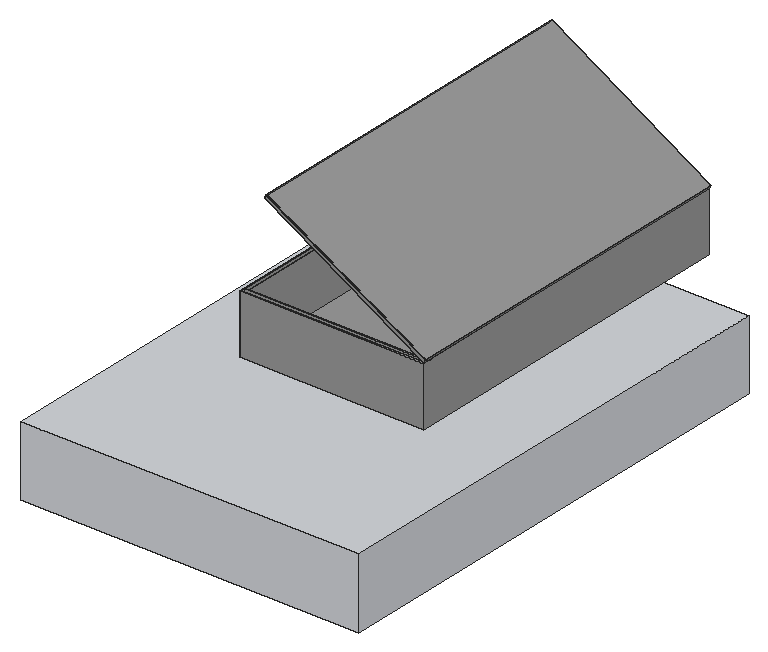
Revit family "Hager-Univers-IP55-D275-H1550-Cl.II-Steel_encl-CH-en", category Equipement électrique, Revit 2020
Family settings
  Hôte = Face
  Configuration du panneau = Deux colonnes, circuits au sein
  Cote de connecteur circulaire = Utiliser le diamètre
  Type d'élément = Tableau de raccordement
  Couper avec des vides une fois chargée = Non
  Partagée = Non
  Point de calcul de pièce = Non
Parameters (values of type "Surface mounted (plaster) IP55 W800 H1550 D275  - FR03S")
  Width Control [instance] = if([EF000008 - Width] > Min Width, [EF000008 - Width], Min Width)  # 800 mm
  Commentaires du type = [HG000003 - Range]  # "Univers"
  Thickness Door [instance] = if([EF009171 - Material plate thickness door/cover] > 3 mm, 3 mm, [EF009171 - Material plate thickness door/cover])  # 1.5 mm
  Seal Frame Offset [instance] = 17 mm  # constant formula
  Plinth Visibility [instance] = [HG000027 - Plinth height] > 0 mm  # no
  Model = ""
  Min Width [instance] = 100 mm  # constant formula
  Min Height [instance] = 100 mm  # constant formula
  Min Depth [instance] = (2 * [EF009170 - Material plate thickness cabinet]) + 1 mm  # 4 mm
  Internal Frame Depth [instance] = (Door System Depth * 0.5)  # 9 mm
  Height Control [instance] = if([EF000040 - Height] > Min Height, [EF000040 - Height], Min Height)  # 1550 mm
  HG000027 - Plinth height = 0 mm
  HG000026 - Floor standing = no
  HG000024 - Bottom section height = 800 mm
  HG000023 - Double section enclosure = no
  HG000016 - Door 3d visibility [instance] = yes
  HG000015 - Clearance visibility [instance] = no
  HG000014 - Door on the right [instance] = yes
  HG000013 - Door on the left [instance] = not([HG000014 - Door on the right])  # no
  HG000012 - Door swing angle [instance] = 30.00°
  HG000010 - Asymmetric doors = no
  HG000009 - Double swing door = no
  HG000006 - Flush mounted = no
  HG000004 - Manufacturer reference = "FR03S"
  HG000003 - Range = "Univers"
  HG000002 - With door or cover = yes
  Frame Offset Bottom [instance] = 10 mm  # constant formula
  Frame Offset [instance] = 15 mm  # constant formula
  EF015940 - Cover with overpressure release = no
  EF011959 - Degree of protection (NEMA) = ""
  EF009554 - Number of openings for flange plates = 6
  EF009212 - Cover model = "EV000116 - Closed"
  EF009171 - Material plate thickness door/cover = 1.5 mm
  EF009170 - Material plate thickness cabinet = 1.5 mm
  Fabricant = "Hager"  # constant formula
  EF008873 - Nominal current (In) = 800 A
  EF007800 - Suitable for lightning protection = no
  EF006306 - With lock = no
  EF006244 - Transparent cover/door = no
  EF005474 - Degree of protection (IP) = "EV006420 - IP55"
  EF004464 - Type of door = "EV002646 - Single"
  EF004427 - Number of modules = 360
  EF004293 - Impact strength = "EV008784 - IK10"
  EF003532 - Suitable for outdoor use = no
  EF002950 - Width in number of modular spacings = 24
  EF001613 - Circuit integrity = "EV000494 - None"
  EF001596 - Material housing = "EV000179 - Steel"
  EF001131 - Internal depth = 275 mm
  EF001088 - Extension possible = yes
  EF000437 - Number of conduit inlets = 6
  EF000339 - Type of cover = "EV004216 - Door"
  EF000266 - Number of rows = 10
  EF000218 - Built-in depth = 0 mm
  EF000118 - With mounting plate = no
  EF000116 - RAL-number = "7035"
  EF000049 - Depth = 275 mm
  EF000040 - Height = 1550 mm
  EF000008 - Width = 800 mm
  EF000007 - Colour = "EV000270 - Grey"
  EF000003 - Mounting method = "EV000384 - Surface mounted (plaster)"
  Door System Leaf Tolerance [instance] = 1.5 mm  # constant formula
  Door System Depth [instance] = 18 mm  # constant formula
  Door Height [instance] = Height Control - [HG000027 - Plinth height]  # 1550 mm
  Depth Control [instance] = if([EF000049 - Depth] > Min Depth, [EF000049 - Depth], Min Depth)  # 275 mm
  Default Elevation = 0 mm
  Connector Offset [instance] = Height Control / 2  # 775 mm
  Bottom Top Plate Trim [instance] = 1.5 mm  # constant formula
  Plinth height Ctrl [instance] = if([HG000027 - Plinth height] > 0 mm, [HG000027 - Plinth height], 12 mm)  # 12 mm
Types (5, lengths in mm): name | Width Control | HG000010 - Asymmetric doors | HG000009 - Double swing door | HG000004 - Manufacturer reference | EF009554 - Number of openings for flange plates | EF004464 - Type of door | EF004427 - Number of modules | EF000437 - Number of conduit inlets | EF000008 - Width
  Surface mounted (plaster) IP55 W1050 H1550 D275  - FR04S | 1050 | no | yes | "FR04S" | 8 | "EV003602 - Double" | 480 | 8 | 1050
  Surface mounted (plaster) IP55 W1300 H1550 D275  - FR05S | 1300 | yes | yes | "FR05S" | 10 | "EV003602 - Double" | 600 | 10 | 1300
  Surface mounted (plaster) IP55 W300 H1550 D275  - FR01S | 300 | no | no | "FR01S" | 2 | "EV002646 - Single" | 120 | 2 | 300
  Surface mounted (plaster) IP55 W550 H1550 D275  - FR02S | 550 | no | no | "FR02S" | 4 | "EV002646 - Single" | 240 | 4 | 550
  Surface mounted (plaster) IP55 W800 H1550 D275  - FR03S | 800 | no | no | "FR03S" | 6 | "EV002646 - Single" | 360 | 6 | 800
Reference planes
  plane 1 "Center (Front/Back)": y = 0
  plane 2: z = 0
  plane 3 "Center (Left/Right)": x = 0
  plane 4: z = 275
  plane 5: y = 1.5
  plane 6: y = 775
  plane 7: y = 0
  plane 8: y = 1550
  plane 9: z = 0
  plane 10: x = -385
  plane 11: x = 385
  plane 12: x = 383.5
  plane 13: x = -383.5
  plane 14: y = 1548.5
  plane 15: x = -383
  plane 16: x = -400
  plane 17: x = 383
  plane 18: x = 400
  plane 19: x = 398.5
  plane 20: x = -398.5
  plane 21: y = 11.5
  plane 22: y = 1550
  plane 23: y = 1533.5
  plane 24: z = 257
  plane 25: z = 1.5
  plane 26: z = 255.5
  plane 27: z = 273.5
Forms (mm)
  Extrusion 1, solid
    sketch origin (0, 0, 0) x (1, 0, 0) y (0, 1, 0)
      loop
        line (-702.964, 1305) -> (-702.964, -811.445) -> (766.763, -811.445) -> (766.763, 1305) -> (-702.964, 1305)
    from 0 to -304.8
  Extrusion 2, solid, material "Hager_Steel_RAL7035_Light_Grey", visible <- "Plinth Visibility", detail levels medium+fine
    sketch origin (0, 0, 0) x (1, 0, 0) y (0, 1, 0)
      loop
        line (-400, 0) -> (400, 0) -> (400, 12) -> (-400, 12) -> (-400, 0)
    from 0 to 257
  Extrusion 3, solid, material "Hager_Steel_RAL7035_Light_Grey", detail levels medium+fine
    sketch origin (0, 0, 0) x (1, 0, 0) y (0, 1, 0)
      loop
        line (-400, 0) -> (400, 0) -> (400, 1550) -> (-400, 1550) -> (-400, 0)
    from 0 to 257
  Extrusion 4, void
    sketch origin (0, 0, 0) x (1, 0, 0) y (0, 1, 0)
      loop
        line (-398.5, 1.5) -> (398.5, 1.5) -> (398.5, 1548.5) -> (-398.5, 1548.5) -> (-398.5, 1.5)
    from 1.5 to 255.5
  Extrusion 5, void
    sketch origin (-381.607, -4572, 257) x (0, -1, 0) y (-1, 0, 0)
      loop
        line (-4583.5, 1.893) -> (-6105.5, 1.893) -> (-6105.5, -765.107) -> (-4583.5, -765.107) -> (-4583.5, 1.893)
    from 0 to 1.5 <- "EF009170 - Material plate thickness cabinet"
  Extrusion 6, solid, material "Hager_Steel_RAL7035_Light_Grey", detail levels fine
    sketch origin (0, 0, 257) x (1, 0, 0) y (0, 1, 0)
      loop
        line (-383.5, 1533.5) -> (-383.5, 11.5) -> (383.5, 11.5) -> (383.5, 1533.5) -> (-383.5, 1533.5)
      loop
        line (-385, 10) -> (385, 10) -> (385, 1535) -> (-385, 1535) -> (-385, 10)
    from 0 to 9 <- "Internal Frame Depth"
  Extrusion 7, solid, material "Hager_Steel_RAL7035_Light_Grey", detail levels coarse
    sketch origin (0, 0, 0) x (1, 0, 0) y (0, 1, 0)
      loop
        line (-400, 0) -> (400, 0) -> (400, 1550) -> (-400, 1550) -> (-400, 0)
    from 0 to 275
  Sweep 8, void
    path in 3D
      loop
        line (-400, 12, 0) -> (400, 12, 0) -> (400, 12, 257) -> (-400, 12, 257) -> (-400, 12, 0)
    profile origin (-400, 12, 128.5) x (-1, 0, 0) y (0, -1, 0)
      loop
        line (0, 0) -> (0, 1.5) -> (-1.5, 1.5)
        arc (-1.5, 1.5) -> (-1.061, 0.439) -> (0, 0) r 1.5
Cuts and joins
  Extrusion 4, Extrusion 5 cuts Extrusion 3
  Sweep 8 cuts Extrusion 2
Lines and regions (mm)
  Masking region 1
    outline origin (0, 0, 0) x (1, 0, 0) y (0, 0, 1)
      loop
        line (-400, 275) -> (-400, 0) -> (400, 0) -> (400, 275) -> (-400, 275)
  Masking region 2, detail levels medium+fine
    outline origin (0, 140, 0) x (0, 1, 0) y (0, 0, 1)
      loop
        line (-140, 0) -> (1410, 0) -> (1410, 257) -> (-140, 257) -> (-140, 0)
  Masking region 3, not visible, detail levels medium+fine
    outline origin (0, 297.922, 0) x (0, 1, 0) y (0, 0, 1)
      loop
        line (488.578, 0) -> (528.578, 0) -> (528.578, 263.5)
        arc (528.578, 263.5) -> (525.649, 270.571) -> (518.578, 273.5) r 10
        line (518.578, 273.5) -> (488.578, 273.5) -> (488.578, 0)
  Masking region 4, detail levels coarse
    outline origin (0, 0, 180) x (0, 1, 0) y (0, 0, 1)
      loop
        line (0, -180) -> (1550, -180) -> (1550, 95) -> (0, 95) -> (0, -180)
  Masking region 5, visible <- "Plinth Visibility", detail levels medium+fine
    outline origin (0, 52.24, 12.345) x (0, 0, -1) y (0, 1, 0)
      loop
        line (10.845, -40.24) -> (-243.155, -40.24)
        arc (-243.155, -40.24) -> (-243.594, -41.301) -> (-244.655, -41.74) r 1.5
        line (-244.655, -41.74) -> (-244.655, -52.24) -> (12.345, -52.24) -> (12.345, -41.74)
        arc (12.345, -41.74) -> (11.285, -41.301) -> (10.845, -40.24) r 1.5
  Masking region 6, detail levels medium+fine
    outline origin (-381.607, -4572, 257) x (-1, 0, 0) y (0, -1, 0)
      loop
        line (18.393, -6122) -> (18.393, -4572) -> (-781.607, -4572) -> (-781.607, -6122) -> (18.393, -6122)
  Masking region 7, visible <- "Plinth Visibility", detail levels medium+fine
    outline origin (-381.607, -4727, 257) x (-1, 0, 0) y (0, -1, 0)
      loop
        arc (16.893, -4739) -> (17.332, -4737.939) -> (18.393, -4737.5) r 1.5
        line (18.393, -4737.5) -> (18.393, -4727) -> (-781.607, -4727) -> (-781.607, -4737.5)
        arc (-781.607, -4737.5) -> (-780.546, -4737.939) -> (-780.107, -4739) r 1.5
        line (-780.107, -4739) -> (16.893, -4739)
  Masking region 8, detail levels coarse
    outline origin (-442.548, -4669.526, 257) x (-1, 0, 0) y (0, -1, 0)
      loop
        line (-42.548, -6219.526) -> (-42.548, -4669.526) -> (-842.548, -4669.526) -> (-842.548, -6219.526) -> (-42.548, -6219.526)
  sketch lines
    curve 1: line (-400, 12, 257) -> (-400, 12, 0)
    curve 2: line (400, 12, 257) -> (-400, 12, 257)
    curve 3: line (400, 12, 257) -> (400, 12, 0)
    curve 4: line (-400, 12, 0) -> (400, 12, 0)
Dimensions and locks
  "Depth Control": plane 4 to Extrusion 1
  "HG000027 - Plinth height": plane 1 "Center (Front/Back)" to plane 7
  "EF009170 - Material plate thickness cabinet": plane 5 to plane 7
  locked: connector elem to plane 3 "Center (Left/Right)"
  equal spacing: plane 8, plane 6, plane 7
  locked: connector elem to plane 6
  "EF009170 - Material plate thickness cabinet": plane 8 to plane 14
  "EF009170 - Material plate thickness cabinet": plane 10 to plane 13
  "EF009170 - Material plate thickness cabinet": plane 12 to plane 11
  "Frame Offset": plane 20 to plane 13
  "Frame Offset": plane 12 to plane 19
  "EF009170 - Material plate thickness cabinet": plane 16 to plane 20
  "EF009170 - Material plate thickness cabinet": plane 19 to plane 18
  "Seal Frame Offset": plane 16 to plane 15
  "Seal Frame Offset": plane 17 to plane 18
  "Frame Offset Bottom": plane 21 to plane 5
  "Frame Offset": plane 14 to plane 23
  equal spacing: plane 16, plane 3 "Center (Left/Right)", plane 18
  "Width Control": plane 16 to plane 18
  "EF009170 - Material plate thickness cabinet": plane 4 to plane 27
  "EF009170 - Material plate thickness cabinet": plane 24 to plane 26
  "EF009170 - Material plate thickness cabinet": plane 25 to level
  "Door System Depth": plane 4 to plane 24
  "Height Control": plane 1 "Center (Front/Back)" to Extrusion 7 sketch curve
  "Height Control": Masking region 4 sketch curve to plane 1 "Center (Front/Back)"
  "Height Control": plane 1 "Center (Front/Back)" to plane 22
  "Bottom Top Plate Trim": profile plane to Sweep 8 sketch curve
  "Bottom Top Plate Trim": Sweep 8 sketch curve to profile plane
  "Plinth height Ctrl": plane 1 "Center (Front/Back)" to Extrusion 2 sketch curve
  "Plinth height Ctrl": Masking region 5 sketch curve to plane 1 "Center (Front/Back)"
  "Plinth height Ctrl": plane 1 "Center (Front/Back)" to Masking region 7 sketch curve
  "Thickness Door": Extrusion 6 sketch curve to Extrusion 6 sketch curve  (x3)
  "Thickness Door": cut or joined group of Extrusion 3, Extrusion 4, Extrusion 5 to Extrusion 6 sketch curve
  radius of Masking region 3 sketch curve = 10 mm
  "Bottom Top Plate Trim": radius of Masking region 5 sketch curve  (x2)
  "Bottom Top Plate Trim": radius of Sweep 8 sketch curve
  "Bottom Top Plate Trim": radius of Masking region 7 sketch curve  (x2)
  aligned and locked: plane 2 to Extrusion 1
  aligned and locked: level to Extrusion 1
  aligned and locked: level to Masking region 1 sketch curve
  aligned and locked: Masking region 1 sketch curve to plane 18
  aligned and locked: Masking region 1 sketch curve to plane 16
  aligned and locked: plane 7 to Masking region 2 sketch curve
  aligned and locked: level to Masking region 3 sketch curve
  aligned and locked: Masking region 3 sketch curve to plane 27
  aligned and locked: level to Masking region 2 sketch curve
  aligned and locked: plane 1 "Center (Front/Back)" to Extrusion 2 sketch curve
  aligned and locked: Extrusion 3 sketch curve to plane 7
  aligned and locked: plane 16 to Extrusion 3 sketch curve
  aligned and locked: plane 18 to Extrusion 3 sketch curve
  aligned and locked: plane 20 to Extrusion 4 sketch curve
  aligned and locked: plane 19 to Extrusion 4 sketch curve
  aligned and locked: Extrusion 4 sketch curve to plane 5
  aligned and locked: Extrusion 4 to plane 25
  aligned and locked: plane 26 to Extrusion 4
  aligned and locked: plane 24 to Extrusion 3
  aligned and locked: Extrusion 5 sketch curve to plane 21
  aligned and locked: Extrusion 5 sketch curve to plane 13
  aligned and locked: Extrusion 5 sketch curve to plane 12
  aligned and locked: plane 18 to Extrusion 7 sketch curve
  aligned and locked: plane 1 "Center (Front/Back)" to Extrusion 7 sketch curve
  aligned and locked: plane 16 to Extrusion 7 sketch curve
  aligned and locked: plane 4 to Extrusion 7
  aligned and locked: Extrusion 7 to level
  aligned and locked: level to Masking region 4 sketch curve
  aligned and locked: Masking region 4 sketch curve to plane 1 "Center (Front/Back)"
  aligned and locked: Masking region 4 sketch curve to plane 4
  aligned and locked: nested 1 to level
  aligned and locked: nested 1 to plane 16
  aligned and locked: plane 8 to Extrusion 3 sketch curve
  aligned and locked: plane 23 to Extrusion 5 sketch curve
  aligned and locked: plane 14 to Extrusion 4 sketch curve
  aligned and locked: Masking region 2 sketch curve to plane 8
  aligned and locked: level to Masking region 5 sketch curve
  aligned and locked: plane 16 to Extrusion 2 sketch curve
  aligned and locked: plane 18 to Extrusion 2 sketch curve
  aligned and locked: Masking region 5 sketch curve to plane 24
  aligned and locked: Masking region 2 sketch curve to plane 24
  aligned and locked: plane 24 to Extrusion 2
  aligned and locked: profile plane to Sweep 8 sketch curve  (x2)
  aligned and locked: Masking region 6 sketch curve to plane 18
  aligned and locked: Masking region 6 sketch curve to plane 22
  aligned and locked: Masking region 6 sketch curve to plane 16
  aligned and locked: plane 8 to plane 22
  aligned and locked: Masking region 6 sketch curve to plane 7
  aligned and locked: Masking region 7 sketch curve to plane 16
  aligned and locked: Masking region 7 sketch curve to plane 1 "Center (Front/Back)"
  aligned and locked: Masking region 7 sketch curve to plane 18
  aligned and locked: Masking region 8 sketch curve to plane 1 "Center (Front/Back)"
  aligned and locked: Masking region 8 sketch curve to plane 18
  aligned and locked: Masking region 8 sketch curve to plane 22
  aligned and locked: Masking region 8 sketch curve to plane 16
  aligned and locked: nested 2 to plane 7
  aligned and locked: plane 3 "Center (Left/Right)" to nested 2
  aligned and locked: nested 2 to plane 24
  aligned and locked: Extrusion 6 sketch curve to cut or joined group of Extrusion 3, Extrusion 4, Extrusion 5  (x4)
Automatic sketch dimensions
  Extrusion 1 sketch curve to Extrusion 1 sketch curve = 1469.727 mm
  Extrusion 1 sketch curve to Extrusion 1 sketch curve = 2116.445 mm
  Masking region 1 sketch curve to plane 4 = 0 mm
  plane 6 to Masking region 3 sketch curve = 11.5 mm
  Masking region 3 sketch curve to Masking region 3 sketch curve = 30 mm
  Masking region 5 sketch curve to plane 1 "Center (Front/Back)" = 0 mm
Nested families
  nested 1: "Hager_Enclosure_Symbol" at (-400, 0, 0) x (1, 0, 0) z (0, -1, 0), Height <- "Depth Control", Width <- "Width Control", type "Hager_Enclosure_Symbol"
    with Width_Ctrl 800 mm, Width 800 mm, Height_Ctrl 275 mm, Height 275 mm, A_Width_Int 18.047 mm, A_Width 216.562 mm, A_Height_Ctrl 240.625 mm, A_Height 240.625 mm
  nested 2: "EC000058_Univers_Door" at (0, 0, 257) x (1, 0, 0) z (0, 1, 0), Leaf_Tolerance <- "Door System Leaf Tolerance", Angle <- "HG000012 - Door swing angle", Door_Depth <- "Door System Depth", Door_Left <- "HG000013 - Door on the left", Transparent <- "EF006244 - Transparent cover/door", Assymetrical <- "HG000010 - Asymmetric doors", Width <- "Width Control", Clearance <- "HG000015 - Clearance visibility", Double <- "HG000009 - Double swing door", 3d_Door <- "HG000016 - Door 3d visibility", Lock_Visibility <- "EF006306 - With lock", Width_Ctrl <- "Width Control", Door_Right <- "HG000014 - Door on the right", Door <- "HG000002 - With door or cover", Height <- "Door Height", Thickness <- "Thickness Door", type "EC000058_Univers_Door", detail levels medium+fine
    with min_wh 4 mm, Width_Ctrl 800 mm, Width 800 mm, Transparent no, Thickness 1.5 mm, Seal_Material Hager_Rubber, Lock_Visibility no, Lock_Material Hager_Plastic_RAL9005_Jet_Black, Leaf_Width 800 mm, Leaf_Tolerance_External_Sides 0 mm, Leaf_Tolerance 1.5 mm, Leaf_Offset 0 mm, Leaf_Height 1547 mm, Leaf_2_Width 800 mm, Leaf_2_Offset 400 mm, Leaf_1_Width 800 mm, Leaf_1_Offset 400 mm, Height_Ctrl 1550 mm, Height 1550 mm, Glass_Material Hager_Glass, Double_Clearance_Ctrl no, Double no, Door_Right_Ctrl yes, Door_Right yes, Door_Material Hager_Steel_RAL7035_Light_Grey, Door_Left_Ctrl no, Door_Left no, Door_Depth 18 mm, Door yes, Clearance_Material Hager_Clearance, Clearance_Depth 800 mm, Clearance_Ctrl no, Clearance no, Assymetrical no, Angle 30.00°, 3d_Door yes
Connectors
  electrical at (0, 775, 0)
    settings: on plane 9, index 1, voltage 0 V, apparent load 0 VA, apparent load phase1 0 VA, apparent load phase2 0 VA, apparent load phase3 0 VA, power factor 1, load classification "Other", number of poles 1, system type 30, power factor state 1, is connector primary yes, connector utility no, sub classification motor no, connector description ""
Definition of nested family "EC000058_Univers_Door"
  Parameters (values of type "EC000058_Univers_Door")
    min_wh [instance] = (2 * Thickness) + 1 mm  # 11 mm
    Width_Ctrl [instance] = 400 mm
    Width [instance] = 500 mm
    Transparent [instance] = yes
    Thickness [instance] = 5 mm
    Seal_Material [instance] = none
    Lock_Visibility [instance] = yes
    Lock_Material [instance] = none
    Leaf_Width [instance] = if((Width_Ctrl - 2 * Leaf_Tolerance_External_Sides) > 0 mm, (Width_Ctrl - 2 * Leaf_Tolerance_External_Sides), min_wh)  # 400 mm
    Leaf_Tolerance_External_Sides [instance] = 0 mm  # constant formula
    Leaf_Tolerance [instance] = 1.5 mm
    Leaf_Offset [instance] = 0 mm  # constant formula
    Leaf_Height [instance] = if((Height_Ctrl - 2 * Leaf_Tolerance) > 0 mm, (Height_Ctrl - 2 * Leaf_Tolerance), min_wh)  # 497 mm
    Leaf_2_Width [instance] = if(and(and(Double, Assymetrical), Door_Left), (Leaf_Width / 3) - (Leaf_Tolerance / 2), if(and(and(Double, Assymetrical), Door_Right), (Leaf_Width / 3) * 2 - (Leaf_Tolerance / 2), if(and(Double, not(Assymetrical)), (Leaf_Width / 2) - Leaf_Tolerance, Leaf_Width)))  # 400 mm
    Leaf_2_Offset [instance] = if(and(Double, Assymetrical), Leaf_2_Width / 2, if(and(Double, not(Assymetrical)), Leaf_Width / 4, Leaf_Width / 2))  # 200 mm
    Leaf_1_Width [instance] = if(and(and(Double, Assymetrical), Door_Right), (Leaf_Width / 3) - (Leaf_Tolerance / 2), if(and(and(Double, Assymetrical), Door_Left), (Width / 3) * 2 - (Leaf_Tolerance / 2), if(and(Double, not(Assymetrical)), (Leaf_Width / 2) - Leaf_Tolerance, Leaf_Width)))  # 400 mm
    Leaf_1_Offset [instance] = if(and(Double, Assymetrical), Leaf_1_Width / 2, if(and(Double, not(Assymetrical)), Leaf_Width / 4, Leaf_Width / 2))  # 200 mm
    Height_Ctrl [instance] = if(Height > min_wh, Height, min_wh)  # 500 mm
    Height [instance] = 500 mm
    Glass_Material [instance] = none
    Double_Clearance_Ctrl [instance] = and(Double, Clearance)  # no
    Double [instance] = no
    Door_Right_Ctrl [instance] = and(or(Door_Right, Double), Door)  # yes
    Door_Right [instance] = yes
    Door_Material [instance] = none
    Door_Left_Ctrl [instance] = and(or(Door_Left, Double), Door)  # no
    Door_Left [instance] = no
    Door_Depth [instance] = 30 mm
    Door [instance] = yes
    Default Elevation = 1219.2 mm
    Clearance_Material [instance] = none
    Clearance_Depth [instance] = if(Leaf_1_Width > Leaf_2_Width, Leaf_1_Width, Leaf_2_Width)  # 400 mm
    Clearance_Ctrl [instance] = and(not(Double), Clearance)  # yes
    Clearance [instance] = yes
    Assymetrical [instance] = yes
    Angle [instance] = 30.00°
    3d_Door [instance] = yes
  Reference planes
    plane 1 "Center (Front/Back)": y = 0
    plane 2 "Bottom": z = 0
    plane 3 "Center (Left/Right)": x = 0
    plane 4: z = 500
    plane 5: x = -200
    plane 6: x = 200
    plane 7: z = 500
    plane 8: x = -200
    plane 9: z = 0
    plane 10: x = 200
    plane 11: y = 0
    plane 12: z = 1.5
    plane 13: x = -600
    plane 14: y = -400
    plane 15: x = 600
    plane 16: x = 0
    plane 17: x = 0
    plane 18: x = -200
    plane 19: x = 200
    plane 20: z = 498.5
  Forms (mm)
    Extrusion 1, solid, material <- "Clearance_Material", visible <- "Double_Clearance_Ctrl"
      sketch origin (1200, 0, 0) x (1, 0, 0) y (0, 0, -1)
        loop
          line (-1800, -498.5) -> (-600, -498.5) -> (-600, 0) -> (-1800, 0) -> (-1800, -498.5)
      from 0 to -400
  Dimensions and locks
    equal spacing: plane 5, plane 3 "Center (Left/Right)", plane 6
    "Width_Ctrl": plane 5 to plane 6
    "Leaf_Offset": plane 5 to plane 8
    "Leaf_Offset": plane 6 to plane 10
    "Leaf_Offset": plane 9 to level
    "Leaf_Offset": plane 4 to plane 7
    "Height_Ctrl": plane 4 to level
    "Leaf_Tolerance": plane 12 to plane 9
    locked: plane 11 to plane 1 "Center (Front/Back)"
    "Leaf_1_Offset": plane 18 to plane 16
    "Leaf_2_Offset": plane 17 to plane 19
    "Leaf_1_Width": plane 13 to plane 8
    "Leaf_2_Width": plane 10 to plane 15
    "Clearance_Depth": plane 14 to plane 1 "Center (Front/Back)"
    "Leaf_Tolerance_External_Sides": plane 8 to plane 18
    "Leaf_Tolerance_External_Sides": plane 19 to plane 10
    "Leaf_Tolerance": plane 7 to plane 20
    aligned and locked: level to plane 2 "Bottom"
    aligned and locked: nested 1 to plane 16
    aligned and locked: nested 2 to plane 17
    aligned and locked: Extrusion 1 to plane 13
    aligned and locked: plane 15 to Extrusion 1
    aligned and locked: Extrusion 1 to plane 14
    aligned and locked: plane 12 to nested 1
    aligned and locked: nested 2 to plane 12
    aligned and locked: Extrusion 1 to plane 11
    aligned and locked: plane 20 to Extrusion 1
    aligned and locked: nested 2 to plane 11
    aligned and locked: nested 1 to plane 11
  Automatic sketch dimensions
    Extrusion 1 sketch curve to level = 0 mm
    plane 5 to Extrusion 1 sketch curve = 400 mm
    plane 6 to Extrusion 1 sketch curve = 400 mm
    Extrusion 1 sketch curve to plane 4 = 1.5 mm
  Nested families
    nested 1: "EC000058_Univers_Door_Leaf" at (0, 0, 1.5), Width <- "Leaf_1_Width", visible <- "Door_Left_Ctrl", Leaf_Height <- "Leaf_Height", Angle <- "Angle", 3d_Door <- "3d_Door", Transparent <- "Transparent", Clearance Material <- "Clearance_Material", Clearance <- "Clearance_Ctrl", Door_Material <- "Door_Material", Glass_Material <- "Glass_Material", Door_Depth <- "Door_Depth", Lock_Material <- "Lock_Material", Seal_Material <- "Seal_Material", Lock_Visibility <- "Lock_Visibility", Thickness <- "Thickness", type "EC000058_Univers_Door_Leaf"
      with Width 400 mm, Transparent_Glass_Offset 30 mm, Transparent_Ctrl yes, Transparent yes, Thickness 5 mm, Standard no, Seal_Material none, Seal_D2 8 mm, Seal_D1 1 mm, Offset_Internal_Frame 10 mm, Lock_Width 20 mm, Lock_Visibility_3d yes, Lock_Visibility yes, Lock_Thickness_3 3 mm, Lock_Thickness_2 1 mm, Lock_Thickness_1 3 mm, Lock_Radius_Offset_2 16 mm, Lock_Radius_Offset_1 15 mm, Lock_Radius_2 5 mm, Lock_Radius 6 mm, Lock_Offset 5 mm, Lock_Material none, Lock_Height 80 mm, Lock_Cover_Top_Offset_2d 17 mm, Lock_Cover_Height -65 mm, Leaf_Height 497 mm, Internal_Seal_Thickness 8 mm, Internal_Seal_Depth_2 4.5 mm, Internal_Frame_Depth 25 mm, Glass_Thickness -1 mm, Glass_Offset -2 mm, Glass_Material none, Door_Material none, Door_Depth 30 mm, Clearance Material none, Clearance yes, Angle_Ctrl 30.00°, Angle 30.00°, 3d_Door yes
    nested 2: "EC000058_Univers_Door_Leaf" at (0, 0, 1.5) x (-1, 0, 0) z (0, 0, 1), Width <- "Leaf_2_Width", visible <- "Door_Right_Ctrl", Leaf_Height <- "Leaf_Height", Angle <- "Angle", 3d_Door <- "3d_Door", Transparent <- "Transparent", Clearance Material <- "Clearance_Material", Clearance <- "Clearance_Ctrl", Door_Material <- "Door_Material", Glass_Material <- "Glass_Material", Door_Depth <- "Door_Depth", Lock_Material <- "Lock_Material", Seal_Material <- "Seal_Material", Lock_Visibility <- "Lock_Visibility", Thickness <- "Thickness", type "EC000058_Univers_Door_Leaf"
      with Width 400 mm, Transparent_Glass_Offset 30 mm, Transparent_Ctrl yes, Transparent yes, Thickness 5 mm, Standard no, Seal_Material none, Seal_D2 8 mm, Seal_D1 1 mm, Offset_Internal_Frame 10 mm, Lock_Width 20 mm, Lock_Visibility_3d yes, Lock_Visibility yes, Lock_Thickness_3 3 mm, Lock_Thickness_2 1 mm, Lock_Thickness_1 3 mm, Lock_Radius_Offset_2 16 mm, Lock_Radius_Offset_1 15 mm, Lock_Radius_2 5 mm, Lock_Radius 6 mm, Lock_Offset 5 mm, Lock_Material none, Lock_Height 80 mm, Lock_Cover_Top_Offset_2d 17 mm, Lock_Cover_Height -65 mm, Leaf_Height 497 mm, Internal_Seal_Thickness 8 mm, Internal_Seal_Depth_2 4.5 mm, Internal_Frame_Depth 25 mm, Glass_Thickness -1 mm, Glass_Offset -2 mm, Glass_Material none, Door_Material none, Door_Depth 30 mm, Clearance Material none, Clearance yes, Angle_Ctrl 30.00°, Angle 30.00°, 3d_Door yes
  Definition of nested family "EC000058_Univers_Door_Leaf"
    Parameters (values of type "EC000058_Univers_Door_Leaf")
      Width [instance] = 2000 mm
      Transparent_Glass_Offset [instance] = 30 mm
      Transparent_Ctrl [instance] = and(Transparent, [3d_Door])  # yes
      Transparent [instance] = yes
      Thickness [instance] = 5 mm
      Standard [instance] = and(not(Transparent), [3d_Door])  # no
      Seal_Material [instance] = none
      Seal_D2 [instance] = 8 mm  # constant formula
      Seal_D1 [instance] = 1 mm  # constant formula
      Offset_Internal_Frame [instance] = 10 mm  # constant formula
      Lock_Width [instance] = 20 mm  # constant formula
      Lock_Visibility_3d [instance] = and(Lock_Visibility, [3d_Door])  # yes
      Lock_Visibility [instance] = yes
      Lock_Thickness_3 [instance] = 3 mm  # constant formula
      Lock_Thickness_2 [instance] = 1 mm  # constant formula
      Lock_Thickness_1 [instance] = 3 mm  # constant formula
      Lock_Radius_Offset_2 [instance] = Lock_Radius_Offset_1 + 1 mm  # 16 mm
      Lock_Radius_Offset_1 [instance] = 15 mm  # constant formula
      Lock_Radius_2 [instance] = Lock_Radius - 1 mm  # 5 mm
      Lock_Radius [instance] = 6 mm  # constant formula
      Lock_Offset [instance] = 5 mm  # constant formula
      Lock_Material [instance] = none
      Lock_Height [instance] = 80 mm  # constant formula
      Lock_Cover_Top_Offset_2d [instance] = Lock_Radius_Offset_2 + 1 mm  # 17 mm
      Lock_Cover_Height [instance] = -(Lock_Height - Lock_Radius_Offset_1)  # -65 mm
      Leaf_Height [instance] = 2720.336 mm
      Internal_Seal_Thickness [instance] = 8 mm  # constant formula
      Internal_Seal_Depth_2 [instance] = 4.5 mm  # constant formula
      Internal_Frame_Depth [instance] = if(Door_Depth - Thickness > 5 mm, Door_Depth - Thickness, 5 mm)  # 25 mm
      Glass_Thickness [instance] = if(Thickness > 15 mm, Glass_Offset + 10 mm, -1 mm)  # -1 mm
      Glass_Offset [instance] = if(Thickness > 15 mm, -(Thickness + 10 mm) / 2, -2 mm)  # -2 mm
      Glass_Material [instance] = none
      Door_Material [instance] = none
      Door_Depth [instance] = 30 mm
      Default Elevation = 0 mm
      Clearance Material [instance] = none
      Clearance [instance] = yes
      Angle_Ctrl [instance] = if(Angle > 180.00°, 180.00°, Angle)  # 90.00°
      Angle [instance] = 90.00°
      3d_Door [instance] = yes
    Reference planes
      plane 1 "Center (Front/Back)": y = 0
      plane 2: z = 0
      plane 3 "Center (Left/Right)": x = 0
      plane 4: y = 2000
      plane 5: x = -1000
      plane 6: x = 1000
      plane 7: x = -3000
      plane 8: z = 2720.336
      plane 9: z = 30
      plane 10: z = 2690.336
      plane 11: x = 970
      plane 12: x = -970
      plane 13: y = -3
      plane 14: z = 107.833
      plane 15: y = -5
      plane 16: y = -223.314
      plane 17: x = -1000
      plane 18: z = 1360.168
      plane 19: y = 30
    Forms (mm)
      Extrusion 1, solid, material <- "Clearance Material", visible <- "Clearance"
        sketch origin (0, 0, 0) x (1, 0, 0) y (0, 0, 1)
          loop
            line (-3000, 2720.336) -> (-3000, 0) -> (1000, 0) -> (1000, 2720.336) -> (-3000, 2720.336)
        from 0 to -2000
      Extrusion 2, solid, material <- "Door_Material", visible <- "Standard", detail levels medium+fine
        sketch origin (-1000, 0, 0) x (0, 1, 0) y (-1, 0, 0)
          loop
            line (0, 30) -> (0, 25) -> (2000, 25) -> (2000, 30) -> (0, 30)
        from 0 to 2720.336 <- "Leaf_Height"
      Extrusion 3, solid, material <- "Door_Material", visible <- "Transparent_Ctrl", detail levels medium+fine
        sketch origin (-1000, 0, 0) x (0, 1, 0) y (-1, 0, 0)
          loop
            line (0, 25) -> (2000, 25) -> (2000, 30) -> (0, 30) -> (0, 25)
        from 0 to 2720.336 <- "Leaf_Height"
      Extrusion 4, void
        sketch origin (-1025, 2000, 0) x (0, 1, 0) y (0, 0, -1)
          loop
            line (-30, -2690.336) -> (-30, -30) -> (-1970, -30) -> (-1970, -2690.336) -> (-30, -2690.336)
        from 0 to 5 <- "Thickness"
      Sweep 5, solid, material <- "Seal_Material", visible <- "Transparent_Ctrl", detail levels fine
        path in 3D
          loop
            line (-1025, 30, 30) -> (-1025, 30, 2690.336) -> (-1025, 1970, 2690.336) -> (-1025, 1970, 30) -> (-1025, 30, 30)
        profile origin (-1025, 1000, 30) x (1, 0, 0) y (0, 0, 1)
          loop
            line (0, 0) -> (0, -8) -> (1, -8) -> (1, 0) -> (0, 0)
      Extrusion 6, solid, material <- "Glass_Material", visible <- "Transparent_Ctrl", detail levels medium+fine
        sketch origin (-1030, 0, 0) x (0, 1, 0) y (0, 0, -1)
          loop
            line (1970, -2690.336) -> (1970, -30) -> (30, -30) -> (30, -2690.336) -> (1970, -2690.336)
        from -2 <- "Glass_Offset" to -1 <- "Glass_Thickness"
      Extrusion 7, solid, material <- "Door_Material", visible <- "3d_Door", detail levels medium+fine
        sketch origin (-1025, 2000, 0) x (0, -1, 0) y (0, 0, -1)
          loop
            line (0, -2720.336) -> (2000, -2720.336) -> (2000, 0) -> (0, 0) -> (0, -2720.336)
          loop
            line (1995, -5) -> (5, -5) -> (5, -2715.336) -> (1995, -2715.336) -> (1995, -5)
        from 0 to 25 <- "Internal_Frame_Depth"
      Sweep 8, solid, material <- "Seal_Material", visible <- "Transparent_Ctrl", detail levels fine
        path in 3D
          loop
            line (-1025, 0, 0) -> (-1025, 2000, 0) -> (-1025, 2000, 2720.336) -> (-1025, 0, 2720.336) -> (-1025, 0, 0)
        profile origin (-1025, 0, 1360.168) x (1, 0, 0) y (0, 1, 0)
          loop
            line (0, 10) -> (2.975, 10)
            arc (2.975, 10) -> (4.053, 10.447) -> (4.5, 11.525) r 1.525
            line (4.5, 11.525) -> (4.5, 16.527)
            arc (4.5, 16.527) -> (4.069, 17.569) -> (3.027, 18) r 1.473
            line (3.027, 18) -> (0, 18) -> (0, 10)
      Extrusion 9, solid, material <- "Lock_Material", visible <- "Lock_Visibility_3d", detail levels fine
        sketch origin (-1030, 0, 0) x (0, 1, 0) y (0, 0, -1)
          loop
            arc (1993.5, -1400.168) -> (1994.561, -1399.729) -> (1995, -1398.668) r 1.5
            line (1995, -1398.668) -> (1995, -1320.168) -> (1975, -1320.168) -> (1975, -1398.668)
            arc (1975, -1398.668) -> (1975.439, -1399.729) -> (1976.5, -1400.168) r 1.5
            line (1976.5, -1400.168) -> (1993.5, -1400.168)
        from 3 <- "Lock_Thickness_1" to 0
      Blend 10, solid, material <- "Lock_Material", visible <- "Lock_Visibility_3d", detail levels fine
        base sketch origin (-1033, 0, 0) x (0, 1, 0) y (0, 0, -1)
          loop
            line (1975, -1320.168) -> (1975, -1398.668)
            arc (1975, -1398.668) -> (1975.439, -1399.729) -> (1976.5, -1400.168) r 1.5
            line (1976.5, -1400.168) -> (1993.5, -1400.168)
            arc (1993.5, -1400.168) -> (1994.561, -1399.729) -> (1995, -1398.668) r 1.5
            line (1995, -1398.668) -> (1995, -1320.168) -> (1975, -1320.168)
        top sketch origin (-1033, 0, 0) x (0, 1, 0) y (0, 0, -1)
          loop
            line (1976, -1320.168) -> (1976, -1398.668)
            arc (1976, -1398.668) -> (1976.146, -1399.022) -> (1976.5, -1399.168) r 0.5
            line (1976.5, -1399.168) -> (1993.5, -1399.168)
            arc (1993.5, -1399.168) -> (1993.854, -1399.022) -> (1994, -1398.668) r 0.5
            line (1994, -1398.668) -> (1994, -1320.168) -> (1976, -1320.168)
        from 0 to 1 <- "Lock_Thickness_2"
      Blend 11, solid, material <- "Lock_Material", visible <- "Lock_Visibility_3d", detail levels fine
        base sketch origin (-1034, 0, 0) x (0, 1, 0) y (0, 0, -1)
          loop
            line (1978, -1320.168) -> (1978, -1384.168)
            arc (1978, -1384.168) -> (1985, -1391.168) -> (1992, -1384.168) r 7
            line (1992, -1384.168) -> (1992, -1320.168) -> (1978, -1320.168)
        top sketch origin (-1034, 0, 0) x (0, 1, 0) y (0, 0, -1)
          loop
            line (1991, -1320.168) -> (1979, -1320.168) -> (1979, -1383.168)
            arc (1979, -1383.168) -> (1985, -1389.168) -> (1991, -1383.168) r 6
            line (1991, -1383.168) -> (1991, -1320.168)
        from 0 to 3 <- "Lock_Thickness_3"
      Extrusion 12, solid, material <- "Lock_Material", visible <- "Lock_Visibility_3d", detail levels fine
        sketch origin (-1030, 1975, 1320.168) x (1, 0, 0) y (0, -1, 0)
          loop
            line (-7, -19) -> (-7, -1) -> (0, -1) -> (0, 0) -> (-8, 0) -> (-8, -20) -> (0, -20) -> (0, -19) -> (-7, -19)
        from 0 to -65 <- "Lock_Cover_Height"
      Extrusion 13, void
        sketch origin (-1038, 1995, 1320.168) x (-1, 0, 0) y (0, 0, -1)
          loop
            line (-5, -65) -> (0, -65) -> (-5, -60) -> (-5, -65)
        from 0 to 20 <- "Lock_Width"
      Extrusion 14, void
        sketch origin (-1038, 1975, 1320.168) x (0, -1, 0) y (0, 0, -1)
          loop
            circle (-10, -15.995) r 6
          loop
            circle (-10, -15.995) r 5
        from 0 to 2
      Extrusion 15, solid, material <- "Lock_Material", visible <- "Lock_Visibility_3d", detail levels medium
        sketch origin (-1030, 0, 0) x (0, 1, 0) y (0, 0, -1)
          loop
            arc (1993.5, -1400.168) -> (1994.561, -1399.729) -> (1995, -1398.668) r 1.5
            line (1995, -1398.668) -> (1995, -1320.168) -> (1975, -1320.168) -> (1975, -1398.668)
            arc (1975, -1398.668) -> (1975.439, -1399.729) -> (1976.5, -1400.168) r 1.5
            line (1976.5, -1400.168) -> (1993.5, -1400.168)
        from 8 to 0
    Cuts and joins
      Extrusion 4 cuts Extrusion 3
      Extrusion 13, Extrusion 14 cuts Extrusion 9
      Extrusion 14 cuts Blend 11
      Extrusion 13, Extrusion 14 cuts Extrusion 12
      joined: Extrusion 9, Blend 10, Blend 11, Extrusion 12
      Extrusion 14 cuts Extrusion 15
    Lines and regions (mm)
      Masking region 1, visible <- "Lock_Visibility", detail levels fine
        outline origin (0, 0, 0) x (0, 1, 0) y (0, 0, 1)
          loop
            line (30, 1320.168) -> (33, 1320.168) -> (33, 1400.168) -> (30, 1400.168) -> (30, 1320.168)
      Masking region 2, visible <- "Lock_Visibility", detail levels fine
        outline origin (0, 3.143, 0) x (0, 1, 0) y (0, 0, 1)
          loop
            line (29.857, 1354.168) -> (30.857, 1354.168) -> (30.857, 1366.168) -> (29.857, 1366.168) -> (29.857, 1354.168)
      Masking region 3, detail levels medium+fine
        outline origin (0, 0, 0) x (0, 1, 0) y (0, 0, 1)
          loop
            line (0, 0) -> (30, 0) -> (30, 2720.336) -> (0, 2720.336) -> (0, 0)
      Masking region 4, detail levels medium+fine
        outline origin (0, 0, 0) x (1, 0, 0) y (0, 0, 1)
          loop
            line (-1000, 2720.336) -> (-1000, 0) -> (1000, 0) -> (1000, 2720.336) -> (-1000, 2720.336)
      Masking region 5, visible <- "Lock_Visibility", detail levels fine
        outline origin (-47.116, 0, 0) x (1, 0, 0) y (0, 0, 1)
          loop
            arc (1024.616, 1399.168) -> (1023.556, 1398.729) -> (1023.116, 1397.668) r 1.5
            line (1023.116, 1397.668) -> (1023.116, 1320.168) -> (1041.116, 1320.168) -> (1041.116, 1397.668)
            arc (1041.116, 1397.668) -> (1040.677, 1398.729) -> (1039.616, 1399.168) r 1.5
            line (1039.616, 1399.168) -> (1024.616, 1399.168)
      Masking region 6, visible <- "Lock_Visibility", detail levels medium+fine
        outline origin (-25, 0, 0) x (1, 0, 0) y (0, 0, 1)
          loop
            arc (1001.5, 1400.168) -> (1000.439, 1399.729) -> (1000, 1398.668) r 1.5
            line (1000, 1398.668) -> (1000, 1320.168) -> (1020, 1320.168) -> (1020, 1398.668)
            arc (1020, 1398.668) -> (1019.561, 1399.729) -> (1018.5, 1400.168) r 1.5
            line (1018.5, 1400.168) -> (1001.5, 1400.168)
      Masking region 7, visible <- "Lock_Visibility", detail levels fine
        outline origin (-73.735, 0, 0) x (1, 0, 0) y (0, 0, 1)
          loop
            line (1051.735, 1382.168) -> (1065.735, 1382.168) -> (1065.735, 1384.168)
            arc (1065.735, 1384.168) -> (1058.735, 1391.168) -> (1051.735, 1384.168) r 7
            line (1051.735, 1384.168) -> (1051.735, 1382.168)
      Masking region 8, visible <- "Lock_Visibility", detail levels fine
        outline origin (-73.735, 0, 0) x (1, 0, 0) y (0, 0, 1)
          loop
            line (1052.735, 1382.168) -> (1064.735, 1382.168) -> (1064.735, 1383.168)
            arc (1064.735, 1383.168) -> (1058.735, 1389.168) -> (1052.735, 1383.168) r 6
            line (1052.735, 1383.168) -> (1052.735, 1382.168)
      Masking region 9, visible <- "Lock_Visibility", detail levels fine
        outline origin (-25, 0, 0) x (1, 0, 0) y (0, 0, 1)
          loop
            line (1020, 1320.168) -> (1020, 1382.168) -> (1000, 1382.168) -> (1000, 1320.168) -> (1020, 1320.168)
      Masking region 10, detail levels medium+fine
        outline origin (0, 0, 0) x (1, 0, 0) y (0, 0, 1)
          loop
            circle (985, 1335.144) r 6
      Masking region 11, detail levels fine
        outline origin (0, 0, 0) x (1, 0, 0) y (0, 0, 1)
          loop
            circle (985, 1335.144) r 5
      Masking region 12, visible <- "Lock_Visibility", detail levels fine
        outline origin (0, 12.767, 0) x (0, 1, 0) y (0, 0, 1)
          loop
            line (20.233, 1320.168) -> (21.233, 1320.168) -> (21.233, 1399.168) -> (20.233, 1400.168) -> (20.233, 1320.168)
      Masking region 13, visible <- "Lock_Visibility", detail levels fine
        outline origin (0, 13.767, -10) x (0, 1, 0) y (0, 0, 1)
          loop
            line (20.233, 1330.168) -> (23.233, 1330.168) -> (23.233, 1399.168) -> (20.233, 1402.168) -> (20.233, 1330.168)
      Masking region 14, visible <- "Lock_Visibility", detail levels fine
        outline origin (0, 12.767, -10) x (0, 1, 0) y (0, 0, 1)
          loop
            line (20.233, 1330.168) -> (25.233, 1330.168) -> (25.233, 1399.305) -> (20.233, 1394.305) -> (20.233, 1330.168)
      Masking region 15, visible <- "Lock_Visibility", detail levels medium
        outline origin (0, 0, 0) x (0, 1, 0) y (0, 0, 1)
          loop
            line (30, 1320.168) -> (38, 1320.168) -> (38, 1400.168) -> (30, 1400.168) -> (30, 1320.168)
      Masking region 16, visible <- "Lock_Visibility", detail levels fine
        outline origin (-1000, 0, 0) x (0, 1, 0) y (-1, 0, 0)
          loop
            line (1975, 30) -> (1995, 30) -> (1995, 38) -> (1975, 38) -> (1975, 30)
          loop
            line (1979, 37) -> (1976, 37) -> (1976, 34) -> (1978, 34) -> (1979, 37)
          loop
            line (1994, 37) -> (1991, 37) -> (1992, 34) -> (1994, 34) -> (1994, 37)
      Masking region 17, visible <- "Lock_Visibility", detail levels medium
        outline origin (-1000, 0, 0) x (0, 1, 0) y (-1, 0, 0)
          loop
            line (1975, 30) -> (1995, 30) -> (1995, 38) -> (1975, 38) -> (1975, 30)
      symbolic lines
        curve 1: line (1000, 0, 0) -> (-3000, 0, 0)
        curve 2: arc (1000, 0, 0) -> (-1000, 2000, 0) -> (-3000, 0, 0) r 2000
        curve 4: line (-1030, 0, 0) -> (-1030, 2000, 0)
      reference lines
        curve 3: line (-1000, 0, 0) -> (-1000, 2000, 0)
      symbolic lines, detail levels medium+fine
        curve 5: line (-1030, 2000, 0) -> (-1025, 2000, 0)
        curve 7: line (-1025, 0, 0) -> (-1030, 0, 0)
        curve 8: line (-1025, 0, 0) -> (-1000, 0, 0)
        curve 9: line (-1000, 0, 0) -> (-1000, 2000, 0)
        curve 10: line (-1000, 2000, 0) -> (-1025, 2000, 0)
      symbolic lines, detail levels fine
        curve 6: line (-1025, 2000, 0) -> (-1025, 0, 0)
      sketch lines
        curve 11: line (-1025, 0, 2720.336) -> (-1025, 0, 0)
        curve 12: line (-1025, 2000, 0) -> (-1025, 0, 0)
        curve 13: line (-1025, 2000, 2720.336) -> (-1025, 2000, 0)
        curve 14: line (-1025, 0, 2720.336) -> (-1025, 2000, 2720.336)
        curve 15: line (-1025, 1970, 30) -> (-1025, 30, 30)
        curve 16: line (-1025, 30, 30) -> (-1025, 30, 2690.336)
        curve 17: line (-1025, 1970, 2690.336) -> (-1025, 1970, 30)
        curve 18: line (-1025, 30, 2690.336) -> (-1025, 1970, 2690.336)
      symbolic lines, visible <- "Transparent", detail levels medium+fine
        curve 19: line (-970, 0, 2690.336) -> (970, 0, 2690.336)
        curve 20: line (-970, 0, 30) -> (-970, 0, 2690.336)
        curve 21: line (970, 0, 30) -> (-970, 0, 30)
        curve 22: line (970, 0, 2690.336) -> (970, 0, 30)
    Dimensions and locks
      "Width": plane 1 "Center (Front/Back)" to plane 4
      equal spacing: plane 5, plane 3 "Center (Left/Right)", plane 6
      "Width": plane 5 to plane 6
      "Width": plane 7 to plane 5
      "Leaf_Height": plane 8 to level
      "Width": curve 5 to curve 3
      "Width": curve 3 to curve 3
      plane 8 to plane 10 = 30 mm
      plane 9 to level = 30 mm
      plane 12 to plane 5 = 30 mm
      plane 6 to plane 11 = 30 mm
      Extrusion 1 to Extrusion 4 sketch curve = 30 mm
      "Transparent_Glass_Offset": curve 3 to Extrusion 4 sketch curve
      "Transparent_Glass_Offset": Extrusion 4 sketch curve to cut or joined group of Extrusion 3, Extrusion 4  (x2)
      cut or joined group of Extrusion 3, Extrusion 4 to Extrusion 6 sketch curve = 30 mm
      "Transparent_Glass_Offset": cut or joined group of Extrusion 3, Extrusion 4 to Extrusion 4 sketch curve
      "Thickness": curve 6 to curve 4
      "Thickness": Extrusion 7 sketch curve to Extrusion 7 sketch curve  (x4)
      "Door_Depth": curve 4 to curve 3
      "Offset_Internal_Frame": profile plane to Sweep 8 sketch curve
      "Internal_Seal_Thickness": Sweep 8 sketch curve to Sweep 8 sketch curve
      "Internal_Seal_Depth_2": profile plane to Sweep 8 sketch curve
      "Seal_D1": profile plane to Sweep 5 sketch curve
      "Seal_D2": profile plane to Sweep 5 sketch curve
      "Thickness": Extrusion 2 sketch curve to Extrusion 2 sketch curve
      equal spacing: Extrusion 9 sketch curve, plane 18, Extrusion 9 sketch curve  (x2)
      equal spacing: Masking region 1 sketch curve, plane 18, Masking region 1 sketch curve
      "Lock_Height": Masking region 1 sketch curve to Masking region 1 sketch curve
      "Lock_Radius": Masking region 2 sketch curve to plane 18 to Masking region 2 sketch curve
      Masking region 2 sketch curve to Masking region 1 = 1 mm
      "Door_Depth": plane 19 to plane 1 "Center (Front/Back)"
      "Lock_Thickness_1": Masking region 1 sketch curve to plane 19
      "Lock_Width": Extrusion 9 sketch curve to Extrusion 9 sketch curve
      "Lock_Height": Extrusion 9 sketch curve to Extrusion 9 sketch curve
      "Lock_Offset": cut or joined group of Extrusion 3, Extrusion 4 to Extrusion 9 sketch curve
      equal spacing: plane 8, plane 18, level
      "Lock_Radius_Offset_1": Blend 11 sketch curve to Blend 10
      locked: Blend 10 to Blend 11 sketch curve at 2  (x2)
      locked: var sketch to Blend 11 sketch curve at 1  (x2)
      "Lock_Radius_Offset_2": Blend 11 sketch curve to Blend 10
      locked: Extrusion 12 sketch curve to Extrusion 12 sketch curve at 1  (x3)
      Masking region 6 sketch curve to Masking region 6 sketch curve = 80 mm
      "Lock_Height": Masking region 6 sketch curve to Masking region 6 sketch curve
      "Lock_Width": Masking region 6 sketch curve to Masking region 6 sketch curve
      locked: Masking region 6 to Masking region 5 sketch curve at 1  (x3)
      locked: Masking region 5 to Masking region 7 sketch curve at 2  (x2)
      "Lock_Radius_Offset_1": Masking region 5 to Masking region 7 sketch curve
      "Lock_Radius_Offset_2": Masking region 5 to Masking region 8 sketch curve
      locked: Masking region 7 to Masking region 8 sketch curve at 1  (x2)
      "Lock_Cover_Top_Offset_2d": Masking region 5 to Masking region 9 sketch curve
      equal spacing: Masking region 9, Masking region 10 sketch curve, Masking region 9
      equal spacing: Masking region 9, Masking region 11 sketch curve, Masking region 9
      Extrusion 15 sketch curve to Extrusion 15 sketch curve = 80 mm
      "Lock_Width": Extrusion 15 sketch curve to Extrusion 15 sketch curve
      "Lock_Height": Extrusion 15 sketch curve to Extrusion 15 sketch curve
      equal spacing: Extrusion 15 sketch curve, plane 18, Extrusion 15 sketch curve
      "Lock_Thickness_3": Masking region 13 sketch curve to Masking region 13 sketch curve
      "Lock_Height": Masking region 12 sketch curve to Masking region 12 sketch curve
      locked: Masking region 13 sketch curve to Masking region 1 at 8
      locked: Masking region 14 sketch curve to Masking region 13 at 1
      locked: Masking region 14 sketch curve to Masking region 1 at 10.863
      "Lock_Height": Masking region 15 sketch curve to Masking region 15 sketch curve
      "Lock_Offset": Extrusion 15 sketch curve to cut or joined group of Extrusion 3, Extrusion 4
      "Lock_Offset": plane 6 to Masking region 6 sketch curve
      radius of Sweep 8 sketch curve = 1.525 mm
      radius of Sweep 8 sketch curve = 1.473 mm
      radius of Extrusion 9 sketch curve = 1.5 mm  (x2)
      "Lock_Radius": radius of Extrusion 14 sketch curve
      "Lock_Radius_2": radius of Extrusion 14 sketch curve
      "Lock_Radius": radius of Masking region 10 sketch curve
      "Lock_Radius_2": radius of Masking region 11 sketch curve
      radius of Extrusion 15 sketch curve = 1.5 mm  (x2)
      "Angle_Ctrl": angle plane 1 "Center (Front/Back)" to curve 3
      locked: Masking region 12 sketch curve to Masking region 12 sketch curve (angle 45.00°)
      locked: Masking region 13 sketch curve to Masking region 13 sketch curve (angle 45.00°)
      locked: Masking region 14 sketch curve to Masking region 14 sketch curve (angle 45.00°)
      aligned and locked: level to plane 2
      aligned and locked: Extrusion 1 to curve 1
      aligned and locked: plane 6 to Extrusion 1
      aligned and locked: Extrusion 1 to plane 1 "Center (Front/Back)"
      aligned and locked: plane 4 to Extrusion 1
      aligned and locked: plane 8 to Extrusion 1
      aligned and locked: curve 7 to Extrusion 2 sketch curve
      aligned and locked: curve 5 to Extrusion 2 sketch curve
      aligned and locked: curve 7 to Extrusion 3 sketch curve
      aligned and locked: Extrusion 3 sketch curve to curve 4
      aligned and locked: Extrusion 3 sketch curve to curve 6
      aligned and locked: Extrusion 3 sketch curve to curve 5
      aligned and locked: curve 9 to curve 3
      aligned and locked: Extrusion 7 sketch curve to cut or joined group of Extrusion 3, Extrusion 4  (x4)
      aligned and locked: plane 17 to curve 3
      aligned and locked: plane 1 "Center (Front/Back)" to curve 3
      aligned and locked: plane 17 to plane 5
      aligned and locked: Sweep 8 sketch curve to profile plane
      aligned and locked: Sweep 5 sketch curve to profile plane  (x2)
      aligned and locked: Masking region 1 to Masking region 2 sketch curve
      aligned and locked: plane 19 to Masking region 1 sketch curve
      aligned and locked: plane 1 "Center (Front/Back)" to Masking region 3 sketch curve
      aligned and locked: plane 19 to Masking region 3 sketch curve
      aligned and locked: level to Masking region 3 sketch curve
      aligned and locked: Masking region 3 sketch curve to plane 8
      aligned and locked: plane 17 to Masking region 4 sketch curve
      aligned and locked: level to Masking region 4 sketch curve
      aligned and locked: Masking region 4 sketch curve to plane 8
      aligned and locked: plane 12 to curve 20
      aligned and locked: plane 10 to curve 19
      aligned and locked: plane 11 to curve 22
      aligned and locked: curve 21 to plane 9
      aligned and locked: Extrusion 2 sketch curve to cut or joined group of Extrusion 3, Extrusion 4
      aligned and locked: Blend 10 sketch curve to Extrusion 9  (x4)
      aligned and locked: Extrusion 9 to Blend 10 sketch curve
      aligned and locked: Blend 10 to Blend 11 sketch curve
      aligned and locked: Extrusion 12 sketch curve to Blend 11
      aligned and locked: Extrusion 12 sketch curve to Extrusion 9  (x4)
      aligned and locked: Masking region 5 sketch curve to Masking region 6
      aligned and locked: Masking region 9 sketch curve to Masking region 6  (x3)
      aligned and locked: Masking region 12 sketch curve to Masking region 1
      aligned and locked: Masking region 13 sketch curve to Masking region 1
      aligned and locked: Masking region 12 to Masking region 14
      aligned and locked: Masking region 14 sketch curve to Masking region 1
      aligned and locked: Masking region 15 sketch curve to Masking region 14
      aligned and locked: Masking region 13 sketch curve to Masking region 12
      aligned and locked: Masking region 16 sketch curve to cut or joined group of Extrusion 14, Extrusion 15  (x4)
      aligned and locked: Masking region 16 sketch curve to cut or joined group of Extrusion 9, Blend 10, Blend 11, Extrusion 12, Extrusion 13, Extrusion 14  (x6)
      aligned and locked: cut or joined group of Extrusion 9, Blend 10, Blend 11, Extrusion 12, Extrusion 13, Extrusion 14 to Masking region 16 sketch curve
      aligned and locked: Masking region 17 sketch curve to cut or joined group of Extrusion 14, Extrusion 15  (x3)
      aligned and locked: Masking region 17 sketch curve to cut or joined group of Extrusion 9, Blend 10, Blend 11, Extrusion 12, Extrusion 13, Extrusion 14
      aligned and locked: Masking region 9 to Masking region 8 sketch curve
      aligned and locked: Masking region 9 to Masking region 7 sketch curve
    Automatic sketch dimensions
      plane 1 "Center (Front/Back)" to curve 2 = 0 mm
      curve 2 to plane 5 = 0 mm
      Extrusion 1 sketch curve to level = 0 mm
      Extrusion 1 sketch curve to plane 7 = 0 mm
      Extrusion 1 sketch curve to plane 6 = 0 mm
      Extrusion 1 sketch curve to plane 8 = 0 mm
      Extrusion 3 to Extrusion 6 sketch curve = 30 mm  (x4)
      Masking region 4 sketch curve to plane 6 = 0 mm
      Blend 10 sketch curve to Extrusion 9 = 1.5 mm
      Blend 10 sketch curve to Extrusion 9 = 1 mm
      Extrusion 13 sketch curve to Extrusion 12 = 0 mm  (x2)
      Extrusion 12 to Extrusion 13 sketch curve = 3 mm
      Extrusion 13 sketch curve to Extrusion 12 = 5 mm
      Extrusion 14 sketch curve to Extrusion 14 sketch curve = 0 mm  (x2)
      Extrusion 14 sketch curve to Extrusion 12 = 10 mm
      Extrusion 14 sketch curve to Extrusion 12 = 15.995 mm
      Masking region 5 sketch curve to Masking region 5 sketch curve = 1.5 mm  (x2)
      Masking region 10 sketch curve to plane 18 = 25.024 mm
      Masking region 11 sketch curve to plane 18 = 25.024 mm
      plane 19 to Masking region 14 sketch curve = 3 mm
      Masking region 16 sketch curve to Masking region 16 sketch curve = 3 mm
      curve 4 to curve 3 = 0 mm
      Blend 10 to Blend 11 sketch curve = 0 mm
      Masking region 6 sketch curve to Masking region 6 sketch curve = 1.5 mm  (x2)
      Masking region 6 sketch curve to plane 18 = 40 mm
      plane 19 to Masking region 12 sketch curve = 3 mm
      Masking region 12 sketch curve to Masking region 12 sketch curve = 1 mm
      Masking region 15 sketch curve to plane 19 = 0 mm
      Masking region 15 sketch curve to plane 18 = 40 mm
      radius of Blend 10 sketch curve to Extrusion 9 = 1 mm
Definition of nested family "Hager_Enclosure_Symbol"
  Parameters (values of type "Hager_Enclosure_Symbol")
    Width_Ctrl [instance] = if(Width > 1 mm, Width, 1 mm)  # 102.27 mm
    Width [instance] = 102.27 mm
    Height_Ctrl [instance] = if(Height > 1 mm, Height, 1 mm)  # 66.5 mm
    A_Width_Int [instance] = if(A_Width / 12 > 2 mm, A_Width / 12, 2 mm)  # 4.364 mm
    A_Width [instance] = if(A_Height_Ctrl * 0.9 > 2 mm, A_Height_Ctrl * 0.9, 2 mm)  # 52.369 mm
    A_Height_Ctrl [instance] = if(A_Height > 2 mm, A_Height, 2 mm)  # 58.188 mm
    Height [instance] = 66.5 mm
    A_Height [instance] = Height - (Height / 8)  # 58.188 mm
  Reference planes
    plane 1 "Centre (avant/arrière)": y = 0
    plane 2: z = 0
    plane 3 "Centre (gauche/droite)": x = 0
    plane 4: x = 52.369
    plane 5: y = 33.042
    plane 6: y = 41.77
    plane 7: y = 66.5
    plane 8: x = 26.184
    plane 9: y = 37.406
    plane 10: x = 102.27
    plane 11: y = 66.5
    plane 12: y = 8.313
  Lines and regions (mm)
    Filled region 1, type "Solid_Black", in view "Niveau de réf."
      outline origin (0, 0, 0) x (1, 0, 0) y (0, 1, 0)
        loop
          line (52.369, 66.5) -> (33.188, 54.536) -> (45.365, 45.006) -> (52.369, 66.5)
    Filled region 2, type "Solid_Black", in view "Niveau de réf."
      outline origin (0, 0, 0) x (1, 0, 0) y (0, 1, 0)
        loop
          line (0, 0) -> (102.27, 0) -> (102.27, 66.5) -> (0, 0)
    detail lines, in view "Niveau de réf."
      curve 1: line (0, 8.313, 0) -> (26.184, 41.77, 0)
      curve 2: line (26.184, 41.77, 0) -> (26.184, 33.042, 0)
      curve 3: line (26.184, 33.042, 0) -> (52.369, 66.5, 0)
  Dimensions and locks
    "A_Width": plane 3 "Centre (gauche/droite)" to plane 4
    equal spacing: plane 3 "Centre (gauche/droite)", plane 8, plane 4
    equal spacing: plane 6, plane 9, plane 5
    equal spacing: curve 3, Filled region 1 sketch curve, Filled region 1 sketch curve
    "Height_Ctrl": plane 1 "Centre (avant/arrière)" to plane 11
    "A_Height_Ctrl": plane 11 to plane 12
    equal spacing: plane 11, plane 9, plane 12
    "A_Width_Int": plane 6 to plane 9
    "Width_Ctrl": plane 3 "Centre (gauche/droite)" to plane 10
    angle Filled region 1 sketch curve to curve 3 = 20.00°
    angle curve 3 to Filled region 1 sketch curve = 20.00°
    locked: curve 3 to Filled region 1 sketch curve (angle 90.00°)
    aligned and locked: plane 10 to Filled region 2
    aligned and locked: plane 11 to Filled region 2 sketch curve
    aligned and locked: plane 10 to Filled region 2 sketch curve
    aligned and locked: plane 3 "Centre (gauche/droite)" to curve 1
    aligned and locked: plane 12 to curve 1
    aligned and locked: plane 7 to plane 11
  Automatic sketch dimensions
    Filled region 1 sketch curve to plane 4 = 0 mm
    Filled region 1 sketch curve to plane 7 = 0 mm
    plane 1 "Centre (avant/arrière)" to Filled region 2 sketch curve = 0 mm
    Filled region 2 sketch curve to plane 3 "Centre (gauche/droite)" = 0 mm
    curve 2 to plane 6 = 0 mm
    curve 2 to plane 8 = 0 mm
    curve 3 to plane 4 = 0 mm
    curve 2 to plane 5 = 0 mm
    curve 3 to plane 7 = 0 mm
